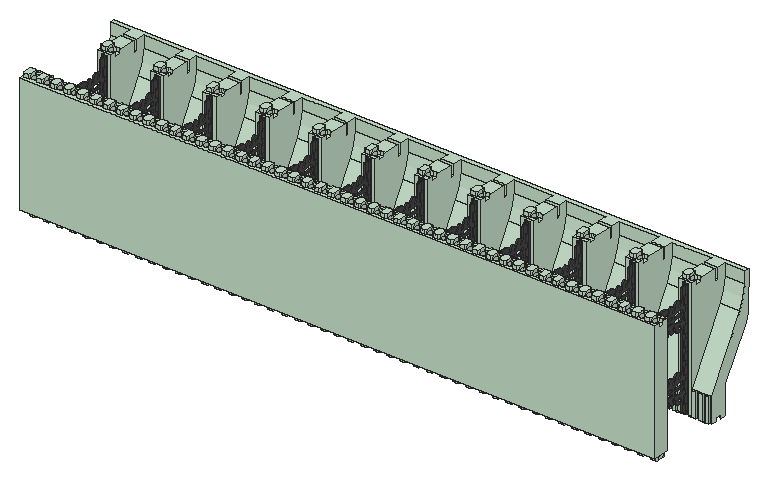
Revit family "ICF- NUDURA 8-inch- Brick Ledge Form Unit- Imperial", category Generic Models, Revit 2011 (continued)
Forms (in)
  Extrusion 106, void
    sketch origin (90, -2, 0) x (-1, 0, 0) y (0, -1, 0)
      loop
        line (2, 3.97692) -> (2, 4.89808)
        arc (2, 4.89808) -> (1.95215, 5.04517) -> (1.82692, 5.13595) r 0.25
        arc (1.82692, 5.13595) -> (1.5, 5.1875) -> (1.17308, 5.13595) r 1.0625
        arc (1.17308, 5.13595) -> (1.04785, 5.04517) -> (1, 4.89808) r 0.25
    from 0 to 0.5
  Extrusion 107, void
    sketch origin (92, -2, 0) x (-1, 0, 0) y (0, -1, 0)
      loop
        line (1, 4.89808) -> (1, 3.97692)
        arc (1, 3.97692) -> (1.04785, 3.82983) -> (1.17308, 3.73905) r 0.25
        arc (1.17308, 3.73905) -> (1.42092, 3.69045) -> (1.67323, 3.70172) r 1.0625
        arc (1.67323, 3.70172) -> (1.72385, 3.68771) -> (1.74592, 3.64005) r 0.0625
        line (1.74592, 3.64005) -> (1.74592, 3.41845) -> (1.91675, 3.41845) -> (1.91675, 3.76455)
        arc (1.91675, 3.76455) -> (1.92106, 3.78736) -> (1.9334, 3.80702) r 0.0625
        arc (1.9334, 3.80702) -> (1.98276, 3.88568) -> (2, 3.97692) r 0.25
        line (2, 3.97692) -> (2, 4.89808)
        arc (2, 4.89808) -> (1.95215, 5.04517) -> (1.82692, 5.13595) r 0.25
        arc (1.82692, 5.13595) -> (1.5, 5.1875) -> (1.17308, 5.13595) r 1.0625
        arc (1.17308, 5.13595) -> (1.04785, 5.04517) -> (1, 4.89808) r 0.25
    from 0 to 0.5
  Extrusion 108, void
    sketch origin (94, -2, 0) x (-1, 0, 0) y (0, -1, 0)
      loop
        line (1, 4.89808) -> (1, 3.97692)
        arc (1, 3.97692) -> (1.04785, 3.82983) -> (1.17308, 3.73905) r 0.25
        arc (1.17308, 3.73905) -> (1.42092, 3.69045) -> (1.67323, 3.70172) r 1.0625
        arc (1.67323, 3.70172) -> (1.72385, 3.68771) -> (1.74592, 3.64005) r 0.0625
        line (1.74592, 3.64005) -> (1.74592, 3.41845) -> (1.91675, 3.41845) -> (1.91675, 3.76455)
        arc (1.91675, 3.76455) -> (1.92106, 3.78736) -> (1.9334, 3.80702) r 0.0625
        arc (1.9334, 3.80702) -> (1.98276, 3.88568) -> (2, 3.97692) r 0.25
        line (2, 3.97692) -> (2, 4.89808)
        arc (2, 4.89808) -> (1.95215, 5.04517) -> (1.82692, 5.13595) r 0.25
        arc (1.82692, 5.13595) -> (1.5, 5.1875) -> (1.17308, 5.13595) r 1.0625
        arc (1.17308, 5.13595) -> (1.04785, 5.04517) -> (1, 4.89808) r 0.25
    from 0 to 0.5
  Extrusion 109, void
    sketch origin (96, -2, 0) x (-1, 0, 0) y (0, -1, 0)
      loop
        line (1, 4.89808) -> (1, 3.97692)
        arc (1, 3.97692) -> (1.04785, 3.82983) -> (1.17308, 3.73905) r 0.25
        arc (1.17308, 3.73905) -> (1.42092, 3.69045) -> (1.67323, 3.70172) r 1.0625
        arc (1.67323, 3.70172) -> (1.72385, 3.68771) -> (1.74592, 3.64005) r 0.0625
        line (1.74592, 3.64005) -> (1.74592, 3.41845) -> (1.91675, 3.41845) -> (1.91675, 3.76455)
        arc (1.91675, 3.76455) -> (1.92106, 3.78736) -> (1.9334, 3.80702) r 0.0625
        arc (1.9334, 3.80702) -> (1.98276, 3.88568) -> (2, 3.97692) r 0.25
        line (2, 3.97692) -> (2, 4.89808)
        arc (2, 4.89808) -> (1.95215, 5.04517) -> (1.82692, 5.13595) r 0.25
        arc (1.82692, 5.13595) -> (1.5, 5.1875) -> (1.17308, 5.13595) r 1.0625
        arc (1.17308, 5.13595) -> (1.04785, 5.04517) -> (1, 4.89808) r 0.25
    from 0 to 0.5
  Extrusion 110, void
    sketch origin (94, 0, 0) x (1, 0, 0) y (0, 1, 0)
      loop
        line (1, 4.89808) -> (1, 3.97692)
        arc (1, 3.97692) -> (1.04785, 3.82983) -> (1.17308, 3.73905) r 0.25
        arc (1.17308, 3.73905) -> (1.42092, 3.69045) -> (1.67323, 3.70172) r 1.0625
        arc (1.67323, 3.70172) -> (1.72385, 3.68771) -> (1.74592, 3.64005) r 0.0625
        line (1.74592, 3.64005) -> (1.74592, 3.41845) -> (1.91675, 3.41845) -> (1.91675, 3.76455)
        arc (1.91675, 3.76455) -> (1.92106, 3.78736) -> (1.9334, 3.80702) r 0.0625
        arc (1.9334, 3.80702) -> (1.98276, 3.88568) -> (2, 3.97692) r 0.25
        line (2, 3.97692) -> (2, 4.89808)
        arc (2, 4.89808) -> (1.95215, 5.04517) -> (1.82692, 5.13595) r 0.25
        arc (1.82692, 5.13595) -> (1.5, 5.1875) -> (1.17308, 5.13595) r 1.0625
        arc (1.17308, 5.13595) -> (1.04785, 5.04517) -> (1, 4.89808) r 0.25
    from 0 to 0.5
  Extrusion 111, void
    sketch origin (92, 0, 0) x (1, 0, 0) y (0, 1, 0)
      loop
        line (1, 4.89808) -> (1, 3.97692)
        arc (1, 3.97692) -> (1.04785, 3.82983) -> (1.17308, 3.73905) r 0.25
        arc (1.17308, 3.73905) -> (1.42092, 3.69045) -> (1.67323, 3.70172) r 1.0625
        arc (1.67323, 3.70172) -> (1.72385, 3.68771) -> (1.74592, 3.64005) r 0.0625
        line (1.74592, 3.64005) -> (1.74592, 3.41845) -> (1.91675, 3.41845) -> (1.91675, 3.76455)
        arc (1.91675, 3.76455) -> (1.92106, 3.78736) -> (1.9334, 3.80702) r 0.0625
        arc (1.9334, 3.80702) -> (1.98276, 3.88568) -> (2, 3.97692) r 0.25
        line (2, 3.97692) -> (2, 4.89808)
        arc (2, 4.89808) -> (1.95215, 5.04517) -> (1.82692, 5.13595) r 0.25
        arc (1.82692, 5.13595) -> (1.5, 5.1875) -> (1.17308, 5.13595) r 1.0625
        arc (1.17308, 5.13595) -> (1.04785, 5.04517) -> (1, 4.89808) r 0.25
    from 0 to 0.5
  Extrusion 112, void
    sketch origin (90, 0, 0) x (1, 0, 0) y (0, 1, 0)
      loop
        line (1, 4.89808) -> (1, 3.97692)
        arc (1, 3.97692) -> (1.04785, 3.82983) -> (1.17308, 3.73905) r 0.25
        arc (1.17308, 3.73905) -> (1.42092, 3.69045) -> (1.67323, 3.70172) r 1.0625
        arc (1.67323, 3.70172) -> (1.72385, 3.68771) -> (1.74592, 3.64005) r 0.0625
        line (1.74592, 3.64005) -> (1.74592, 3.41845) -> (1.91675, 3.41845) -> (1.91675, 3.76455)
        arc (1.91675, 3.76455) -> (1.92106, 3.78736) -> (1.9334, 3.80702) r 0.0625
        arc (1.9334, 3.80702) -> (1.98276, 3.88568) -> (2, 3.97692) r 0.25
        line (2, 3.97692) -> (2, 4.89808)
        arc (2, 4.89808) -> (1.95215, 5.04517) -> (1.82692, 5.13595) r 0.25
        arc (1.82692, 5.13595) -> (1.5, 5.1875) -> (1.17308, 5.13595) r 1.0625
        arc (1.17308, 5.13595) -> (1.04785, 5.04517) -> (1, 4.89808) r 0.25
    from 0 to 0.5
  Extrusion 113, void
    sketch origin (88, 0, 0) x (1, 0, 0) y (0, 1, 0)
      loop
        line (1, 4.89808) -> (1, 3.97692)
        arc (1, 3.97692) -> (1.04785, 3.82983) -> (1.17308, 3.73905) r 0.25
        arc (1.17308, 3.73905) -> (1.42092, 3.69045) -> (1.67323, 3.70172) r 1.0625
        arc (1.67323, 3.70172) -> (1.72385, 3.68771) -> (1.74592, 3.64005) r 0.0625
        line (1.74592, 3.64005) -> (1.74592, 3.41845) -> (1.91675, 3.41845) -> (1.91675, 3.76455)
        arc (1.91675, 3.76455) -> (1.92106, 3.78736) -> (1.9334, 3.80702) r 0.0625
        arc (1.9334, 3.80702) -> (1.98276, 3.88568) -> (2, 3.97692) r 0.25
        line (2, 3.97692) -> (2, 4.89808)
        arc (2, 4.89808) -> (1.95215, 5.04517) -> (1.82692, 5.13595) r 0.25
        arc (1.82692, 5.13595) -> (1.5, 5.1875) -> (1.17308, 5.13595) r 1.0625
        arc (1.17308, 5.13595) -> (1.04785, 5.04517) -> (1, 4.89808) r 0.25
    from 0 to 0.5
  Extrusion 114, void
    sketch origin (86, 0, 0) x (1, 0, 0) y (0, 1, 0)
      loop
        line (1, 4.89808) -> (1, 3.97692)
        arc (1, 3.97692) -> (1.04785, 3.82983) -> (1.17308, 3.73905) r 0.25
        arc (1.17308, 3.73905) -> (1.42092, 3.69045) -> (1.67323, 3.70172) r 1.0625
        arc (1.67323, 3.70172) -> (1.72385, 3.68771) -> (1.74592, 3.64005) r 0.0625
        line (1.74592, 3.64005) -> (1.74592, 3.41845) -> (1.91675, 3.41845) -> (1.91675, 3.76455)
        arc (1.91675, 3.76455) -> (1.92106, 3.78736) -> (1.9334, 3.80702) r 0.0625
        arc (1.9334, 3.80702) -> (1.98276, 3.88568) -> (2, 3.97692) r 0.25
        line (2, 3.97692) -> (2, 4.89808)
        arc (2, 4.89808) -> (1.95215, 5.04517) -> (1.82692, 5.13595) r 0.25
        arc (1.82692, 5.13595) -> (1.5, 5.1875) -> (1.17308, 5.13595) r 1.0625
        arc (1.17308, 5.13595) -> (1.04785, 5.04517) -> (1, 4.89808) r 0.25
    from 0 to 0.5
  Extrusion 115, void
    sketch origin (84, 0, 0) x (1, 0, 0) y (0, 1, 0)
      loop
        line (1, 4.89808) -> (1, 3.97692)
        arc (1, 3.97692) -> (1.04785, 3.82983) -> (1.17308, 3.73905) r 0.25
        arc (1.17308, 3.73905) -> (1.42092, 3.69045) -> (1.67323, 3.70172) r 1.0625
        arc (1.67323, 3.70172) -> (1.72385, 3.68771) -> (1.74592, 3.64005) r 0.0625
        line (1.74592, 3.64005) -> (1.74592, 3.41845) -> (1.91675, 3.41845) -> (1.91675, 3.76455)
        arc (1.91675, 3.76455) -> (1.92106, 3.78736) -> (1.9334, 3.80702) r 0.0625
        arc (1.9334, 3.80702) -> (1.98276, 3.88568) -> (2, 3.97692) r 0.25
        line (2, 3.97692) -> (2, 4.89808)
        arc (2, 4.89808) -> (1.95215, 5.04517) -> (1.82692, 5.13595) r 0.25
        arc (1.82692, 5.13595) -> (1.5, 5.1875) -> (1.17308, 5.13595) r 1.0625
        arc (1.17308, 5.13595) -> (1.04785, 5.04517) -> (1, 4.89808) r 0.25
    from 0 to 0.5
  Extrusion 116, void
    sketch origin (82, 0, 0) x (1, 0, 0) y (0, 1, 0)
      loop
        line (1, 4.89808) -> (1, 3.97692)
        arc (1, 3.97692) -> (1.04785, 3.82983) -> (1.17308, 3.73905) r 0.25
        arc (1.17308, 3.73905) -> (1.42092, 3.69045) -> (1.67323, 3.70172) r 1.0625
        arc (1.67323, 3.70172) -> (1.72385, 3.68771) -> (1.74592, 3.64005) r 0.0625
        line (1.74592, 3.64005) -> (1.74592, 3.41845) -> (1.91675, 3.41845) -> (1.91675, 3.76455)
        arc (1.91675, 3.76455) -> (1.92106, 3.78736) -> (1.9334, 3.80702) r 0.0625
        arc (1.9334, 3.80702) -> (1.98276, 3.88568) -> (2, 3.97692) r 0.25
        line (2, 3.97692) -> (2, 4.89808)
        arc (2, 4.89808) -> (1.95215, 5.04517) -> (1.82692, 5.13595) r 0.25
        arc (1.82692, 5.13595) -> (1.5, 5.1875) -> (1.17308, 5.13595) r 1.0625
        arc (1.17308, 5.13595) -> (1.04785, 5.04517) -> (1, 4.89808) r 0.25
    from 0 to 0.5
  Extrusion 117, void
    sketch origin (80, 0, 0) x (1, 0, 0) y (0, 1, 0)
      loop
        line (1, 4.89808) -> (1, 3.97692)
        arc (1, 3.97692) -> (1.04785, 3.82983) -> (1.17308, 3.73905) r 0.25
        arc (1.17308, 3.73905) -> (1.42092, 3.69045) -> (1.67323, 3.70172) r 1.0625
        arc (1.67323, 3.70172) -> (1.72385, 3.68771) -> (1.74592, 3.64005) r 0.0625
        line (1.74592, 3.64005) -> (1.74592, 3.41845) -> (1.91675, 3.41845) -> (1.91675, 3.76455)
        arc (1.91675, 3.76455) -> (1.92106, 3.78736) -> (1.9334, 3.80702) r 0.0625
        arc (1.9334, 3.80702) -> (1.98276, 3.88568) -> (2, 3.97692) r 0.25
        line (2, 3.97692) -> (2, 4.89808)
        arc (2, 4.89808) -> (1.95215, 5.04517) -> (1.82692, 5.13595) r 0.25
        arc (1.82692, 5.13595) -> (1.5, 5.1875) -> (1.17308, 5.13595) r 1.0625
        arc (1.17308, 5.13595) -> (1.04785, 5.04517) -> (1, 4.89808) r 0.25
    from 0 to 0.5
  Extrusion 118, void
    sketch origin (78, 0, 0) x (1, 0, 0) y (0, 1, 0)
      loop
        line (1, 4.89808) -> (1, 3.97692)
        arc (1, 3.97692) -> (1.04785, 3.82983) -> (1.17308, 3.73905) r 0.25
        arc (1.17308, 3.73905) -> (1.42092, 3.69045) -> (1.67323, 3.70172) r 1.0625
        arc (1.67323, 3.70172) -> (1.72385, 3.68771) -> (1.74592, 3.64005) r 0.0625
        line (1.74592, 3.64005) -> (1.74592, 3.41845) -> (1.91675, 3.41845) -> (1.91675, 3.76455)
        arc (1.91675, 3.76455) -> (1.92106, 3.78736) -> (1.9334, 3.80702) r 0.0625
        arc (1.9334, 3.80702) -> (1.98276, 3.88568) -> (2, 3.97692) r 0.25
        line (2, 3.97692) -> (2, 4.89808)
        arc (2, 4.89808) -> (1.95215, 5.04517) -> (1.82692, 5.13595) r 0.25
        arc (1.82692, 5.13595) -> (1.5, 5.1875) -> (1.17308, 5.13595) r 1.0625
        arc (1.17308, 5.13595) -> (1.04785, 5.04517) -> (1, 4.89808) r 0.25
    from 0 to 0.5
  Extrusion 119, void
    sketch origin (76, 0, 0) x (1, 0, 0) y (0, 1, 0)
      loop
        line (1, 4.89808) -> (1, 3.97692)
        arc (1, 3.97692) -> (1.04785, 3.82983) -> (1.17308, 3.73905) r 0.25
        arc (1.17308, 3.73905) -> (1.42092, 3.69045) -> (1.67323, 3.70172) r 1.0625
        arc (1.67323, 3.70172) -> (1.72385, 3.68771) -> (1.74592, 3.64005) r 0.0625
        line (1.74592, 3.64005) -> (1.74592, 3.41845) -> (1.91675, 3.41845) -> (1.91675, 3.76455)
        arc (1.91675, 3.76455) -> (1.92106, 3.78736) -> (1.9334, 3.80702) r 0.0625
        arc (1.9334, 3.80702) -> (1.98276, 3.88568) -> (2, 3.97692) r 0.25
        line (2, 3.97692) -> (2, 4.89808)
        arc (2, 4.89808) -> (1.95215, 5.04517) -> (1.82692, 5.13595) r 0.25
        arc (1.82692, 5.13595) -> (1.5, 5.1875) -> (1.17308, 5.13595) r 1.0625
        arc (1.17308, 5.13595) -> (1.04785, 5.04517) -> (1, 4.89808) r 0.25
    from 0 to 0.5
  Extrusion 120, void
    sketch origin (74, 0, 0) x (1, 0, 0) y (0, 1, 0)
      loop
        line (1, 4.89808) -> (1, 3.97692)
        arc (1, 3.97692) -> (1.04785, 3.82983) -> (1.17308, 3.73905) r 0.25
        arc (1.17308, 3.73905) -> (1.42092, 3.69045) -> (1.67323, 3.70172) r 1.0625
        arc (1.67323, 3.70172) -> (1.72385, 3.68771) -> (1.74592, 3.64005) r 0.0625
        line (1.74592, 3.64005) -> (1.74592, 3.41845) -> (1.91675, 3.41845) -> (1.91675, 3.76455)
        arc (1.91675, 3.76455) -> (1.92106, 3.78736) -> (1.9334, 3.80702) r 0.0625
        arc (1.9334, 3.80702) -> (1.98276, 3.88568) -> (2, 3.97692) r 0.25
        line (2, 3.97692) -> (2, 4.89808)
        arc (2, 4.89808) -> (1.95215, 5.04517) -> (1.82692, 5.13595) r 0.25
        arc (1.82692, 5.13595) -> (1.5, 5.1875) -> (1.17308, 5.13595) r 1.0625
        arc (1.17308, 5.13595) -> (1.04785, 5.04517) -> (1, 4.89808) r 0.25
    from 0 to 0.5
  Extrusion 121, void
    sketch origin (72, 0, 0) x (1, 0, 0) y (0, 1, 0)
      loop
        line (1, 4.89808) -> (1, 3.97692)
        arc (1, 3.97692) -> (1.04785, 3.82983) -> (1.17308, 3.73905) r 0.25
        arc (1.17308, 3.73905) -> (1.42092, 3.69045) -> (1.67323, 3.70172) r 1.0625
        arc (1.67323, 3.70172) -> (1.72385, 3.68771) -> (1.74592, 3.64005) r 0.0625
        line (1.74592, 3.64005) -> (1.74592, 3.41845) -> (1.91675, 3.41845) -> (1.91675, 3.76455)
        arc (1.91675, 3.76455) -> (1.92106, 3.78736) -> (1.9334, 3.80702) r 0.0625
        arc (1.9334, 3.80702) -> (1.98276, 3.88568) -> (2, 3.97692) r 0.25
        line (2, 3.97692) -> (2, 4.89808)
        arc (2, 4.89808) -> (1.95215, 5.04517) -> (1.82692, 5.13595) r 0.25
        arc (1.82692, 5.13595) -> (1.5, 5.1875) -> (1.17308, 5.13595) r 1.0625
        arc (1.17308, 5.13595) -> (1.04785, 5.04517) -> (1, 4.89808) r 0.25
    from 0 to 0.5
  Extrusion 122, void
    sketch origin (70, 0, 0) x (1, 0, 0) y (0, 1, 0)
      loop
        line (1, 4.89808) -> (1, 3.97692)
        arc (1, 3.97692) -> (1.04785, 3.82983) -> (1.17308, 3.73905) r 0.25
        arc (1.17308, 3.73905) -> (1.42092, 3.69045) -> (1.67323, 3.70172) r 1.0625
        arc (1.67323, 3.70172) -> (1.72385, 3.68771) -> (1.74592, 3.64005) r 0.0625
        line (1.74592, 3.64005) -> (1.74592, 3.41845) -> (1.91675, 3.41845) -> (1.91675, 3.76455)
        arc (1.91675, 3.76455) -> (1.92106, 3.78736) -> (1.9334, 3.80702) r 0.0625
        arc (1.9334, 3.80702) -> (1.98276, 3.88568) -> (2, 3.97692) r 0.25
        line (2, 3.97692) -> (2, 4.89808)
        arc (2, 4.89808) -> (1.95215, 5.04517) -> (1.82692, 5.13595) r 0.25
        arc (1.82692, 5.13595) -> (1.5, 5.1875) -> (1.17308, 5.13595) r 1.0625
        arc (1.17308, 5.13595) -> (1.04785, 5.04517) -> (1, 4.89808) r 0.25
    from 0 to 0.5
  Extrusion 123, void
    sketch origin (68, 0, 0) x (1, 0, 0) y (0, 1, 0)
      loop
        line (1, 4.89808) -> (1, 3.97692)
        arc (1, 3.97692) -> (1.04785, 3.82983) -> (1.17308, 3.73905) r 0.25
        arc (1.17308, 3.73905) -> (1.42092, 3.69045) -> (1.67323, 3.70172) r 1.0625
        arc (1.67323, 3.70172) -> (1.72385, 3.68771) -> (1.74592, 3.64005) r 0.0625
        line (1.74592, 3.64005) -> (1.74592, 3.41845) -> (1.91675, 3.41845) -> (1.91675, 3.76455)
        arc (1.91675, 3.76455) -> (1.92106, 3.78736) -> (1.9334, 3.80702) r 0.0625
        arc (1.9334, 3.80702) -> (1.98276, 3.88568) -> (2, 3.97692) r 0.25
        line (2, 3.97692) -> (2, 4.89808)
        arc (2, 4.89808) -> (1.95215, 5.04517) -> (1.82692, 5.13595) r 0.25
        arc (1.82692, 5.13595) -> (1.5, 5.1875) -> (1.17308, 5.13595) r 1.0625
        arc (1.17308, 5.13595) -> (1.04785, 5.04517) -> (1, 4.89808) r 0.25
    from 0 to 0.5
  Extrusion 124, void
    sketch origin (66, 0, 0) x (1, 0, 0) y (0, 1, 0)
      loop
        line (1, 4.89808) -> (1, 3.97692)
        arc (1, 3.97692) -> (1.04785, 3.82983) -> (1.17308, 3.73905) r 0.25
        arc (1.17308, 3.73905) -> (1.42092, 3.69045) -> (1.67323, 3.70172) r 1.0625
        arc (1.67323, 3.70172) -> (1.72385, 3.68771) -> (1.74592, 3.64005) r 0.0625
        line (1.74592, 3.64005) -> (1.74592, 3.41845) -> (1.91675, 3.41845) -> (1.91675, 3.76455)
        arc (1.91675, 3.76455) -> (1.92106, 3.78736) -> (1.9334, 3.80702) r 0.0625
        arc (1.9334, 3.80702) -> (1.98276, 3.88568) -> (2, 3.97692) r 0.25
        line (2, 3.97692) -> (2, 4.89808)
        arc (2, 4.89808) -> (1.95215, 5.04517) -> (1.82692, 5.13595) r 0.25
        arc (1.82692, 5.13595) -> (1.5, 5.1875) -> (1.17308, 5.13595) r 1.0625
        arc (1.17308, 5.13595) -> (1.04785, 5.04517) -> (1, 4.89808) r 0.25
    from 0 to 0.5
  Extrusion 125, void
    sketch origin (64, 0, 0) x (1, 0, 0) y (0, 1, 0)
      loop
        line (1, 4.89808) -> (1, 3.97692)
        arc (1, 3.97692) -> (1.04785, 3.82983) -> (1.17308, 3.73905) r 0.25
        arc (1.17308, 3.73905) -> (1.42092, 3.69045) -> (1.67323, 3.70172) r 1.0625
        arc (1.67323, 3.70172) -> (1.72385, 3.68771) -> (1.74592, 3.64005) r 0.0625
        line (1.74592, 3.64005) -> (1.74592, 3.41845) -> (1.91675, 3.41845) -> (1.91675, 3.76455)
        arc (1.91675, 3.76455) -> (1.92106, 3.78736) -> (1.9334, 3.80702) r 0.0625
        arc (1.9334, 3.80702) -> (1.98276, 3.88568) -> (2, 3.97692) r 0.25
        line (2, 3.97692) -> (2, 4.89808)
        arc (2, 4.89808) -> (1.95215, 5.04517) -> (1.82692, 5.13595) r 0.25
        arc (1.82692, 5.13595) -> (1.5, 5.1875) -> (1.17308, 5.13595) r 1.0625
        arc (1.17308, 5.13595) -> (1.04785, 5.04517) -> (1, 4.89808) r 0.25
    from 0 to 0.5
  Extrusion 126, void
    sketch origin (62, 0, 0) x (1, 0, 0) y (0, 1, 0)
      loop
        line (1, 4.89808) -> (1, 3.97692)
        arc (1, 3.97692) -> (1.04785, 3.82983) -> (1.17308, 3.73905) r 0.25
        arc (1.17308, 3.73905) -> (1.42092, 3.69045) -> (1.67323, 3.70172) r 1.0625
        arc (1.67323, 3.70172) -> (1.72385, 3.68771) -> (1.74592, 3.64005) r 0.0625
        line (1.74592, 3.64005) -> (1.74592, 3.41845) -> (1.91675, 3.41845) -> (1.91675, 3.76455)
        arc (1.91675, 3.76455) -> (1.92106, 3.78736) -> (1.9334, 3.80702) r 0.0625
        arc (1.9334, 3.80702) -> (1.98276, 3.88568) -> (2, 3.97692) r 0.25
        line (2, 3.97692) -> (2, 4.89808)
        arc (2, 4.89808) -> (1.95215, 5.04517) -> (1.82692, 5.13595) r 0.25
        arc (1.82692, 5.13595) -> (1.5, 5.1875) -> (1.17308, 5.13595) r 1.0625
        arc (1.17308, 5.13595) -> (1.04785, 5.04517) -> (1, 4.89808) r 0.25
    from 0 to 0.5
  Extrusion 127, void
    sketch origin (60, 0, 0) x (1, 0, 0) y (0, 1, 0)
      loop
        line (1, 4.89808) -> (1, 3.97692)
        arc (1, 3.97692) -> (1.04785, 3.82983) -> (1.17308, 3.73905) r 0.25
        arc (1.17308, 3.73905) -> (1.42092, 3.69045) -> (1.67323, 3.70172) r 1.0625
        arc (1.67323, 3.70172) -> (1.72385, 3.68771) -> (1.74592, 3.64005) r 0.0625
        line (1.74592, 3.64005) -> (1.74592, 3.41845) -> (1.91675, 3.41845) -> (1.91675, 3.76455)
        arc (1.91675, 3.76455) -> (1.92106, 3.78736) -> (1.9334, 3.80702) r 0.0625
        arc (1.9334, 3.80702) -> (1.98276, 3.88568) -> (2, 3.97692) r 0.25
        line (2, 3.97692) -> (2, 4.89808)
        arc (2, 4.89808) -> (1.95215, 5.04517) -> (1.82692, 5.13595) r 0.25
        arc (1.82692, 5.13595) -> (1.5, 5.1875) -> (1.17308, 5.13595) r 1.0625
        arc (1.17308, 5.13595) -> (1.04785, 5.04517) -> (1, 4.89808) r 0.25
    from 0 to 0.5
  Extrusion 128, void
    sketch origin (58, 0, 0) x (1, 0, 0) y (0, 1, 0)
      loop
        line (1, 4.89808) -> (1, 3.97692)
        arc (1, 3.97692) -> (1.04785, 3.82983) -> (1.17308, 3.73905) r 0.25
        arc (1.17308, 3.73905) -> (1.42092, 3.69045) -> (1.67323, 3.70172) r 1.0625
        arc (1.67323, 3.70172) -> (1.72385, 3.68771) -> (1.74592, 3.64005) r 0.0625
        line (1.74592, 3.64005) -> (1.74592, 3.41845) -> (1.91675, 3.41845) -> (1.91675, 3.76455)
        arc (1.91675, 3.76455) -> (1.92106, 3.78736) -> (1.9334, 3.80702) r 0.0625
        arc (1.9334, 3.80702) -> (1.98276, 3.88568) -> (2, 3.97692) r 0.25
        line (2, 3.97692) -> (2, 4.89808)
        arc (2, 4.89808) -> (1.95215, 5.04517) -> (1.82692, 5.13595) r 0.25
        arc (1.82692, 5.13595) -> (1.5, 5.1875) -> (1.17308, 5.13595) r 1.0625
        arc (1.17308, 5.13595) -> (1.04785, 5.04517) -> (1, 4.89808) r 0.25
    from 0 to 0.5
  Extrusion 129, void
    sketch origin (56, 0, 0) x (1, 0, 0) y (0, 1, 0)
      loop
        line (1, 4.89808) -> (1, 3.97692)
        arc (1, 3.97692) -> (1.04785, 3.82983) -> (1.17308, 3.73905) r 0.25
        arc (1.17308, 3.73905) -> (1.42092, 3.69045) -> (1.67323, 3.70172) r 1.0625
        arc (1.67323, 3.70172) -> (1.72385, 3.68771) -> (1.74592, 3.64005) r 0.0625
        line (1.74592, 3.64005) -> (1.74592, 3.41845) -> (1.91675, 3.41845) -> (1.91675, 3.76455)
        arc (1.91675, 3.76455) -> (1.92106, 3.78736) -> (1.9334, 3.80702) r 0.0625
        arc (1.9334, 3.80702) -> (1.98276, 3.88568) -> (2, 3.97692) r 0.25
        line (2, 3.97692) -> (2, 4.89808)
        arc (2, 4.89808) -> (1.95215, 5.04517) -> (1.82692, 5.13595) r 0.25
        arc (1.82692, 5.13595) -> (1.5, 5.1875) -> (1.17308, 5.13595) r 1.0625
        arc (1.17308, 5.13595) -> (1.04785, 5.04517) -> (1, 4.89808) r 0.25
    from 0 to 0.5
  Extrusion 130, void
    sketch origin (54, 0, 0) x (1, 0, 0) y (0, 1, 0)
      loop
        line (1, 4.89808) -> (1, 3.97692)
        arc (1, 3.97692) -> (1.04785, 3.82983) -> (1.17308, 3.73905) r 0.25
        arc (1.17308, 3.73905) -> (1.42092, 3.69045) -> (1.67323, 3.70172) r 1.0625
        arc (1.67323, 3.70172) -> (1.72385, 3.68771) -> (1.74592, 3.64005) r 0.0625
        line (1.74592, 3.64005) -> (1.74592, 3.41845) -> (1.91675, 3.41845) -> (1.91675, 3.76455)
        arc (1.91675, 3.76455) -> (1.92106, 3.78736) -> (1.9334, 3.80702) r 0.0625
        arc (1.9334, 3.80702) -> (1.98276, 3.88568) -> (2, 3.97692) r 0.25
        line (2, 3.97692) -> (2, 4.89808)
        arc (2, 4.89808) -> (1.95215, 5.04517) -> (1.82692, 5.13595) r 0.25
        arc (1.82692, 5.13595) -> (1.5, 5.1875) -> (1.17308, 5.13595) r 1.0625
        arc (1.17308, 5.13595) -> (1.04785, 5.04517) -> (1, 4.89808) r 0.25
    from 0 to 0.5
  Extrusion 131, void
    sketch origin (52, 0, 0) x (1, 0, 0) y (0, 1, 0)
      loop
        line (1, 4.89808) -> (1, 3.97692)
        arc (1, 3.97692) -> (1.04785, 3.82983) -> (1.17308, 3.73905) r 0.25
        arc (1.17308, 3.73905) -> (1.42092, 3.69045) -> (1.67323, 3.70172) r 1.0625
        arc (1.67323, 3.70172) -> (1.72385, 3.68771) -> (1.74592, 3.64005) r 0.0625
        line (1.74592, 3.64005) -> (1.74592, 3.41845) -> (1.91675, 3.41845) -> (1.91675, 3.76455)
        arc (1.91675, 3.76455) -> (1.92106, 3.78736) -> (1.9334, 3.80702) r 0.0625
        arc (1.9334, 3.80702) -> (1.98276, 3.88568) -> (2, 3.97692) r 0.25
        line (2, 3.97692) -> (2, 4.89808)
        arc (2, 4.89808) -> (1.95215, 5.04517) -> (1.82692, 5.13595) r 0.25
        arc (1.82692, 5.13595) -> (1.5, 5.1875) -> (1.17308, 5.13595) r 1.0625
        arc (1.17308, 5.13595) -> (1.04785, 5.04517) -> (1, 4.89808) r 0.25
    from 0 to 0.5
  Extrusion 132, void
    sketch origin (50, 0, 0) x (1, 0, 0) y (0, 1, 0)
      loop
        line (1, 4.89808) -> (1, 3.97692)
        arc (1, 3.97692) -> (1.04785, 3.82983) -> (1.17308, 3.73905) r 0.25
        arc (1.17308, 3.73905) -> (1.42092, 3.69045) -> (1.67323, 3.70172) r 1.0625
        arc (1.67323, 3.70172) -> (1.72385, 3.68771) -> (1.74592, 3.64005) r 0.0625
        line (1.74592, 3.64005) -> (1.74592, 3.41845) -> (1.91675, 3.41845) -> (1.91675, 3.76455)
        arc (1.91675, 3.76455) -> (1.92106, 3.78736) -> (1.9334, 3.80702) r 0.0625
        arc (1.9334, 3.80702) -> (1.98276, 3.88568) -> (2, 3.97692) r 0.25
        line (2, 3.97692) -> (2, 4.89808)
        arc (2, 4.89808) -> (1.95215, 5.04517) -> (1.82692, 5.13595) r 0.25
        arc (1.82692, 5.13595) -> (1.5, 5.1875) -> (1.17308, 5.13595) r 1.0625
        arc (1.17308, 5.13595) -> (1.04785, 5.04517) -> (1, 4.89808) r 0.25
    from 0 to 0.5
  Extrusion 133, void
    sketch origin (48, 0, 0) x (1, 0, 0) y (0, 1, 0)
      loop
        line (1, 4.89808) -> (1, 3.97692)
        arc (1, 3.97692) -> (1.04785, 3.82983) -> (1.17308, 3.73905) r 0.25
        arc (1.17308, 3.73905) -> (1.42092, 3.69045) -> (1.67323, 3.70172) r 1.0625
        arc (1.67323, 3.70172) -> (1.72385, 3.68771) -> (1.74592, 3.64005) r 0.0625
        line (1.74592, 3.64005) -> (1.74592, 3.41845) -> (1.91675, 3.41845) -> (1.91675, 3.76455)
        arc (1.91675, 3.76455) -> (1.92106, 3.78736) -> (1.9334, 3.80702) r 0.0625
        arc (1.9334, 3.80702) -> (1.98276, 3.88568) -> (2, 3.97692) r 0.25
        line (2, 3.97692) -> (2, 4.89808)
        arc (2, 4.89808) -> (1.95215, 5.04517) -> (1.82692, 5.13595) r 0.25
        arc (1.82692, 5.13595) -> (1.5, 5.1875) -> (1.17308, 5.13595) r 1.0625
        arc (1.17308, 5.13595) -> (1.04785, 5.04517) -> (1, 4.89808) r 0.25
    from 0 to 0.5
  Extrusion 134, void
    sketch origin (46, 0, 0) x (1, 0, 0) y (0, 1, 0)
      loop
        line (1, 4.89808) -> (1, 3.97692)
        arc (1, 3.97692) -> (1.04785, 3.82983) -> (1.17308, 3.73905) r 0.25
        arc (1.17308, 3.73905) -> (1.42092, 3.69045) -> (1.67323, 3.70172) r 1.0625
        arc (1.67323, 3.70172) -> (1.72385, 3.68771) -> (1.74592, 3.64005) r 0.0625
        line (1.74592, 3.64005) -> (1.74592, 3.41845) -> (1.91675, 3.41845) -> (1.91675, 3.76455)
        arc (1.91675, 3.76455) -> (1.92106, 3.78736) -> (1.9334, 3.80702) r 0.0625
        arc (1.9334, 3.80702) -> (1.98276, 3.88568) -> (2, 3.97692) r 0.25
        line (2, 3.97692) -> (2, 4.89808)
        arc (2, 4.89808) -> (1.95215, 5.04517) -> (1.82692, 5.13595) r 0.25
        arc (1.82692, 5.13595) -> (1.5, 5.1875) -> (1.17308, 5.13595) r 1.0625
        arc (1.17308, 5.13595) -> (1.04785, 5.04517) -> (1, 4.89808) r 0.25
    from 0 to 0.5
  Extrusion 135, void
    sketch origin (44, 0, 0) x (1, 0, 0) y (0, 1, 0)
      loop
        line (1, 4.89808) -> (1, 3.97692)
        arc (1, 3.97692) -> (1.04785, 3.82983) -> (1.17308, 3.73905) r 0.25
        arc (1.17308, 3.73905) -> (1.42092, 3.69045) -> (1.67323, 3.70172) r 1.0625
        arc (1.67323, 3.70172) -> (1.72385, 3.68771) -> (1.74592, 3.64005) r 0.0625
        line (1.74592, 3.64005) -> (1.74592, 3.41845) -> (1.91675, 3.41845) -> (1.91675, 3.76455)
        arc (1.91675, 3.76455) -> (1.92106, 3.78736) -> (1.9334, 3.80702) r 0.0625
        arc (1.9334, 3.80702) -> (1.98276, 3.88568) -> (2, 3.97692) r 0.25
        line (2, 3.97692) -> (2, 4.89808)
        arc (2, 4.89808) -> (1.95215, 5.04517) -> (1.82692, 5.13595) r 0.25
        arc (1.82692, 5.13595) -> (1.5, 5.1875) -> (1.17308, 5.13595) r 1.0625
        arc (1.17308, 5.13595) -> (1.04785, 5.04517) -> (1, 4.89808) r 0.25
    from 0 to 0.5
  Extrusion 136, void
    sketch origin (42, 0, 0) x (1, 0, 0) y (0, 1, 0)
      loop
        line (1, 4.89808) -> (1, 3.97692)
        arc (1, 3.97692) -> (1.04785, 3.82983) -> (1.17308, 3.73905) r 0.25
        arc (1.17308, 3.73905) -> (1.42092, 3.69045) -> (1.67323, 3.70172) r 1.0625
        arc (1.67323, 3.70172) -> (1.72385, 3.68771) -> (1.74592, 3.64005) r 0.0625
        line (1.74592, 3.64005) -> (1.74592, 3.41845) -> (1.91675, 3.41845) -> (1.91675, 3.76455)
        arc (1.91675, 3.76455) -> (1.92106, 3.78736) -> (1.9334, 3.80702) r 0.0625
        arc (1.9334, 3.80702) -> (1.98276, 3.88568) -> (2, 3.97692) r 0.25
        line (2, 3.97692) -> (2, 4.89808)
        arc (2, 4.89808) -> (1.95215, 5.04517) -> (1.82692, 5.13595) r 0.25
        arc (1.82692, 5.13595) -> (1.5, 5.1875) -> (1.17308, 5.13595) r 1.0625
        arc (1.17308, 5.13595) -> (1.04785, 5.04517) -> (1, 4.89808) r 0.25
    from 0 to 0.5
  Extrusion 137, void
    sketch origin (40, 0, 0) x (1, 0, 0) y (0, 1, 0)
      loop
        line (1, 4.89808) -> (1, 3.97692)
        arc (1, 3.97692) -> (1.04785, 3.82983) -> (1.17308, 3.73905) r 0.25
        arc (1.17308, 3.73905) -> (1.42092, 3.69045) -> (1.67323, 3.70172) r 1.0625
        arc (1.67323, 3.70172) -> (1.72385, 3.68771) -> (1.74592, 3.64005) r 0.0625
        line (1.74592, 3.64005) -> (1.74592, 3.41845) -> (1.91675, 3.41845) -> (1.91675, 3.76455)
        arc (1.91675, 3.76455) -> (1.92106, 3.78736) -> (1.9334, 3.80702) r 0.0625
        arc (1.9334, 3.80702) -> (1.98276, 3.88568) -> (2, 3.97692) r 0.25
        line (2, 3.97692) -> (2, 4.89808)
        arc (2, 4.89808) -> (1.95215, 5.04517) -> (1.82692, 5.13595) r 0.25
        arc (1.82692, 5.13595) -> (1.5, 5.1875) -> (1.17308, 5.13595) r 1.0625
        arc (1.17308, 5.13595) -> (1.04785, 5.04517) -> (1, 4.89808) r 0.25
    from 0 to 0.5
  Extrusion 138, void
    sketch origin (38, 0, 0) x (1, 0, 0) y (0, 1, 0)
      loop
        line (1, 4.89808) -> (1, 3.97692)
        arc (1, 3.97692) -> (1.04785, 3.82983) -> (1.17308, 3.73905) r 0.25
        arc (1.17308, 3.73905) -> (1.42092, 3.69045) -> (1.67323, 3.70172) r 1.0625
        arc (1.67323, 3.70172) -> (1.72385, 3.68771) -> (1.74592, 3.64005) r 0.0625
        line (1.74592, 3.64005) -> (1.74592, 3.41845) -> (1.91675, 3.41845) -> (1.91675, 3.76455)
        arc (1.91675, 3.76455) -> (1.92106, 3.78736) -> (1.9334, 3.80702) r 0.0625
        arc (1.9334, 3.80702) -> (1.98276, 3.88568) -> (2, 3.97692) r 0.25
        line (2, 3.97692) -> (2, 4.89808)
        arc (2, 4.89808) -> (1.95215, 5.04517) -> (1.82692, 5.13595) r 0.25
        arc (1.82692, 5.13595) -> (1.5, 5.1875) -> (1.17308, 5.13595) r 1.0625
        arc (1.17308, 5.13595) -> (1.04785, 5.04517) -> (1, 4.89808) r 0.25
    from 0 to 0.5
  Extrusion 139, void
    sketch origin (36, 0, 0) x (1, 0, 0) y (0, 1, 0)
      loop
        line (1, 4.89808) -> (1, 3.97692)
        arc (1, 3.97692) -> (1.04785, 3.82983) -> (1.17308, 3.73905) r 0.25
        arc (1.17308, 3.73905) -> (1.42092, 3.69045) -> (1.67323, 3.70172) r 1.0625
        arc (1.67323, 3.70172) -> (1.72385, 3.68771) -> (1.74592, 3.64005) r 0.0625
        line (1.74592, 3.64005) -> (1.74592, 3.41845) -> (1.91675, 3.41845) -> (1.91675, 3.76455)
        arc (1.91675, 3.76455) -> (1.92106, 3.78736) -> (1.9334, 3.80702) r 0.0625
        arc (1.9334, 3.80702) -> (1.98276, 3.88568) -> (2, 3.97692) r 0.25
        line (2, 3.97692) -> (2, 4.89808)
        arc (2, 4.89808) -> (1.95215, 5.04517) -> (1.82692, 5.13595) r 0.25
        arc (1.82692, 5.13595) -> (1.5, 5.1875) -> (1.17308, 5.13595) r 1.0625
        arc (1.17308, 5.13595) -> (1.04785, 5.04517) -> (1, 4.89808) r 0.25
    from 0 to 0.5
  Extrusion 140, void
    sketch origin (34, 0, 0) x (1, 0, 0) y (0, 1, 0)
      loop
        line (1, 4.89808) -> (1, 3.97692)
        arc (1, 3.97692) -> (1.04785, 3.82983) -> (1.17308, 3.73905) r 0.25
        arc (1.17308, 3.73905) -> (1.42092, 3.69045) -> (1.67323, 3.70172) r 1.0625
        arc (1.67323, 3.70172) -> (1.72385, 3.68771) -> (1.74592, 3.64005) r 0.0625
        line (1.74592, 3.64005) -> (1.74592, 3.41845) -> (1.91675, 3.41845) -> (1.91675, 3.76455)
        arc (1.91675, 3.76455) -> (1.92106, 3.78736) -> (1.9334, 3.80702) r 0.0625
        arc (1.9334, 3.80702) -> (1.98276, 3.88568) -> (2, 3.97692) r 0.25
        line (2, 3.97692) -> (2, 4.89808)
        arc (2, 4.89808) -> (1.95215, 5.04517) -> (1.82692, 5.13595) r 0.25
        arc (1.82692, 5.13595) -> (1.5, 5.1875) -> (1.17308, 5.13595) r 1.0625
        arc (1.17308, 5.13595) -> (1.04785, 5.04517) -> (1, 4.89808) r 0.25
    from 0 to 0.5
  Extrusion 141, void
    sketch origin (32, 0, 0) x (1, 0, 0) y (0, 1, 0)
      loop
        line (1, 4.89808) -> (1, 3.97692)
        arc (1, 3.97692) -> (1.04785, 3.82983) -> (1.17308, 3.73905) r 0.25
        arc (1.17308, 3.73905) -> (1.42092, 3.69045) -> (1.67323, 3.70172) r 1.0625
        arc (1.67323, 3.70172) -> (1.72385, 3.68771) -> (1.74592, 3.64005) r 0.0625
        line (1.74592, 3.64005) -> (1.74592, 3.41845) -> (1.91675, 3.41845) -> (1.91675, 3.76455)
        arc (1.91675, 3.76455) -> (1.92106, 3.78736) -> (1.9334, 3.80702) r 0.0625
        arc (1.9334, 3.80702) -> (1.98276, 3.88568) -> (2, 3.97692) r 0.25
        line (2, 3.97692) -> (2, 4.89808)
        arc (2, 4.89808) -> (1.95215, 5.04517) -> (1.82692, 5.13595) r 0.25
        arc (1.82692, 5.13595) -> (1.5, 5.1875) -> (1.17308, 5.13595) r 1.0625
        arc (1.17308, 5.13595) -> (1.04785, 5.04517) -> (1, 4.89808) r 0.25
    from 0 to 0.5
  Extrusion 142, void
    sketch origin (30, 0, 0) x (1, 0, 0) y (0, 1, 0)
      loop
        line (1, 4.89808) -> (1, 3.97692)
        arc (1, 3.97692) -> (1.04785, 3.82983) -> (1.17308, 3.73905) r 0.25
        arc (1.17308, 3.73905) -> (1.42092, 3.69045) -> (1.67323, 3.70172) r 1.0625
        arc (1.67323, 3.70172) -> (1.72385, 3.68771) -> (1.74592, 3.64005) r 0.0625
        line (1.74592, 3.64005) -> (1.74592, 3.41845) -> (1.91675, 3.41845) -> (1.91675, 3.76455)
        arc (1.91675, 3.76455) -> (1.92106, 3.78736) -> (1.9334, 3.80702) r 0.0625
        arc (1.9334, 3.80702) -> (1.98276, 3.88568) -> (2, 3.97692) r 0.25
        line (2, 3.97692) -> (2, 4.89808)
        arc (2, 4.89808) -> (1.95215, 5.04517) -> (1.82692, 5.13595) r 0.25
        arc (1.82692, 5.13595) -> (1.5, 5.1875) -> (1.17308, 5.13595) r 1.0625
        arc (1.17308, 5.13595) -> (1.04785, 5.04517) -> (1, 4.89808) r 0.25
    from 0 to 0.5
  Extrusion 143, void
    sketch origin (28, 0, 0) x (1, 0, 0) y (0, 1, 0)
      loop
        line (1, 4.89808) -> (1, 3.97692)
        arc (1, 3.97692) -> (1.04785, 3.82983) -> (1.17308, 3.73905) r 0.25
        arc (1.17308, 3.73905) -> (1.42092, 3.69045) -> (1.67323, 3.70172) r 1.0625
        arc (1.67323, 3.70172) -> (1.72385, 3.68771) -> (1.74592, 3.64005) r 0.0625
        line (1.74592, 3.64005) -> (1.74592, 3.41845) -> (1.91675, 3.41845) -> (1.91675, 3.76455)
        arc (1.91675, 3.76455) -> (1.92106, 3.78736) -> (1.9334, 3.80702) r 0.0625
        arc (1.9334, 3.80702) -> (1.98276, 3.88568) -> (2, 3.97692) r 0.25
        line (2, 3.97692) -> (2, 4.89808)
        arc (2, 4.89808) -> (1.95215, 5.04517) -> (1.82692, 5.13595) r 0.25
        arc (1.82692, 5.13595) -> (1.5, 5.1875) -> (1.17308, 5.13595) r 1.0625
        arc (1.17308, 5.13595) -> (1.04785, 5.04517) -> (1, 4.89808) r 0.25
    from 0 to 0.5
  Extrusion 144, void
    sketch origin (26, 0, 0) x (1, 0, 0) y (0, 1, 0)
      loop
        line (1, 4.89808) -> (1, 3.97692)
        arc (1, 3.97692) -> (1.04785, 3.82983) -> (1.17308, 3.73905) r 0.25
        arc (1.17308, 3.73905) -> (1.42092, 3.69045) -> (1.67323, 3.70172) r 1.0625
        arc (1.67323, 3.70172) -> (1.72385, 3.68771) -> (1.74592, 3.64005) r 0.0625
        line (1.74592, 3.64005) -> (1.74592, 3.41845) -> (1.91675, 3.41845) -> (1.91675, 3.76455)
        arc (1.91675, 3.76455) -> (1.92106, 3.78736) -> (1.9334, 3.80702) r 0.0625
        arc (1.9334, 3.80702) -> (1.98276, 3.88568) -> (2, 3.97692) r 0.25
        line (2, 3.97692) -> (2, 4.89808)
        arc (2, 4.89808) -> (1.95215, 5.04517) -> (1.82692, 5.13595) r 0.25
        arc (1.82692, 5.13595) -> (1.5, 5.1875) -> (1.17308, 5.13595) r 1.0625
        arc (1.17308, 5.13595) -> (1.04785, 5.04517) -> (1, 4.89808) r 0.25
    from 0 to 0.5
  Extrusion 145, void
    sketch origin (24, 0, 0) x (1, 0, 0) y (0, 1, 0)
      loop
        line (1, 4.89808) -> (1, 3.97692)
        arc (1, 3.97692) -> (1.04785, 3.82983) -> (1.17308, 3.73905) r 0.25
        arc (1.17308, 3.73905) -> (1.42092, 3.69045) -> (1.67323, 3.70172) r 1.0625
        arc (1.67323, 3.70172) -> (1.72385, 3.68771) -> (1.74592, 3.64005) r 0.0625
        line (1.74592, 3.64005) -> (1.74592, 3.41845) -> (1.91675, 3.41845) -> (1.91675, 3.76455)
        arc (1.91675, 3.76455) -> (1.92106, 3.78736) -> (1.9334, 3.80702) r 0.0625
        arc (1.9334, 3.80702) -> (1.98276, 3.88568) -> (2, 3.97692) r 0.25
        line (2, 3.97692) -> (2, 4.89808)
        arc (2, 4.89808) -> (1.95215, 5.04517) -> (1.82692, 5.13595) r 0.25
        arc (1.82692, 5.13595) -> (1.5, 5.1875) -> (1.17308, 5.13595) r 1.0625
        arc (1.17308, 5.13595) -> (1.04785, 5.04517) -> (1, 4.89808) r 0.25
    from 0 to 0.5
  Extrusion 146, void
    sketch origin (22, 0, 0) x (1, 0, 0) y (0, 1, 0)
      loop
        line (1, 4.89808) -> (1, 3.97692)
        arc (1, 3.97692) -> (1.04785, 3.82983) -> (1.17308, 3.73905) r 0.25
        arc (1.17308, 3.73905) -> (1.42092, 3.69045) -> (1.67323, 3.70172) r 1.0625
        arc (1.67323, 3.70172) -> (1.72385, 3.68771) -> (1.74592, 3.64005) r 0.0625
        line (1.74592, 3.64005) -> (1.74592, 3.41845) -> (1.91675, 3.41845) -> (1.91675, 3.76455)
        arc (1.91675, 3.76455) -> (1.92106, 3.78736) -> (1.9334, 3.80702) r 0.0625
        arc (1.9334, 3.80702) -> (1.98276, 3.88568) -> (2, 3.97692) r 0.25
        line (2, 3.97692) -> (2, 4.89808)
        arc (2, 4.89808) -> (1.95215, 5.04517) -> (1.82692, 5.13595) r 0.25
        arc (1.82692, 5.13595) -> (1.5, 5.1875) -> (1.17308, 5.13595) r 1.0625
        arc (1.17308, 5.13595) -> (1.04785, 5.04517) -> (1, 4.89808) r 0.25
    from 0 to 0.5
  Extrusion 147, void
    sketch origin (20, 0, 0) x (1, 0, 0) y (0, 1, 0)
      loop
        line (1, 4.89808) -> (1, 3.97692)
        arc (1, 3.97692) -> (1.04785, 3.82983) -> (1.17308, 3.73905) r 0.25
        arc (1.17308, 3.73905) -> (1.42092, 3.69045) -> (1.67323, 3.70172) r 1.0625
        arc (1.67323, 3.70172) -> (1.72385, 3.68771) -> (1.74592, 3.64005) r 0.0625
        line (1.74592, 3.64005) -> (1.74592, 3.41845) -> (1.91675, 3.41845) -> (1.91675, 3.76455)
        arc (1.91675, 3.76455) -> (1.92106, 3.78736) -> (1.9334, 3.80702) r 0.0625
        arc (1.9334, 3.80702) -> (1.98276, 3.88568) -> (2, 3.97692) r 0.25
        line (2, 3.97692) -> (2, 4.89808)
        arc (2, 4.89808) -> (1.95215, 5.04517) -> (1.82692, 5.13595) r 0.25
        arc (1.82692, 5.13595) -> (1.5, 5.1875) -> (1.17308, 5.13595) r 1.0625
        arc (1.17308, 5.13595) -> (1.04785, 5.04517) -> (1, 4.89808) r 0.25
    from 0 to 0.5
  Extrusion 148, void
    sketch origin (18, 0, 0) x (1, 0, 0) y (0, 1, 0)
      loop
        line (1, 4.89808) -> (1, 3.97692)
        arc (1, 3.97692) -> (1.04785, 3.82983) -> (1.17308, 3.73905) r 0.25
        arc (1.17308, 3.73905) -> (1.42092, 3.69045) -> (1.67323, 3.70172) r 1.0625
        arc (1.67323, 3.70172) -> (1.72385, 3.68771) -> (1.74592, 3.64005) r 0.0625
        line (1.74592, 3.64005) -> (1.74592, 3.41845) -> (1.91675, 3.41845) -> (1.91675, 3.76455)
        arc (1.91675, 3.76455) -> (1.92106, 3.78736) -> (1.9334, 3.80702) r 0.0625
        arc (1.9334, 3.80702) -> (1.98276, 3.88568) -> (2, 3.97692) r 0.25
        line (2, 3.97692) -> (2, 4.89808)
        arc (2, 4.89808) -> (1.95215, 5.04517) -> (1.82692, 5.13595) r 0.25
        arc (1.82692, 5.13595) -> (1.5, 5.1875) -> (1.17308, 5.13595) r 1.0625
        arc (1.17308, 5.13595) -> (1.04785, 5.04517) -> (1, 4.89808) r 0.25
    from 0 to 0.5
  Extrusion 149, void
    sketch origin (16, 0, 0) x (1, 0, 0) y (0, 1, 0)
      loop
        line (1, 4.89808) -> (1, 3.97692)
        arc (1, 3.97692) -> (1.04785, 3.82983) -> (1.17308, 3.73905) r 0.25
        arc (1.17308, 3.73905) -> (1.42092, 3.69045) -> (1.67323, 3.70172) r 1.0625
        arc (1.67323, 3.70172) -> (1.72385, 3.68771) -> (1.74592, 3.64005) r 0.0625
        line (1.74592, 3.64005) -> (1.74592, 3.41845) -> (1.91675, 3.41845) -> (1.91675, 3.76455)
        arc (1.91675, 3.76455) -> (1.92106, 3.78736) -> (1.9334, 3.80702) r 0.0625
        arc (1.9334, 3.80702) -> (1.98276, 3.88568) -> (2, 3.97692) r 0.25
        line (2, 3.97692) -> (2, 4.89808)
        arc (2, 4.89808) -> (1.95215, 5.04517) -> (1.82692, 5.13595) r 0.25
        arc (1.82692, 5.13595) -> (1.5, 5.1875) -> (1.17308, 5.13595) r 1.0625
        arc (1.17308, 5.13595) -> (1.04785, 5.04517) -> (1, 4.89808) r 0.25
    from 0 to 0.5
  Extrusion 150, void
    sketch origin (14, 0, 0) x (1, 0, 0) y (0, 1, 0)
      loop
        line (1, 4.89808) -> (1, 3.97692)
        arc (1, 3.97692) -> (1.04785, 3.82983) -> (1.17308, 3.73905) r 0.25
        arc (1.17308, 3.73905) -> (1.42092, 3.69045) -> (1.67323, 3.70172) r 1.0625
        arc (1.67323, 3.70172) -> (1.72385, 3.68771) -> (1.74592, 3.64005) r 0.0625
        line (1.74592, 3.64005) -> (1.74592, 3.41845) -> (1.91675, 3.41845) -> (1.91675, 3.76455)
        arc (1.91675, 3.76455) -> (1.92106, 3.78736) -> (1.9334, 3.80702) r 0.0625
        arc (1.9334, 3.80702) -> (1.98276, 3.88568) -> (2, 3.97692) r 0.25
        line (2, 3.97692) -> (2, 4.89808)
        arc (2, 4.89808) -> (1.95215, 5.04517) -> (1.82692, 5.13595) r 0.25
        arc (1.82692, 5.13595) -> (1.5, 5.1875) -> (1.17308, 5.13595) r 1.0625
        arc (1.17308, 5.13595) -> (1.04785, 5.04517) -> (1, 4.89808) r 0.25
    from 0 to 0.5
  Extrusion 151, void
    sketch origin (12, 0, 0) x (1, 0, 0) y (0, 1, 0)
      loop
        line (1, 4.89808) -> (1, 3.97692)
        arc (1, 3.97692) -> (1.04785, 3.82983) -> (1.17308, 3.73905) r 0.25
        arc (1.17308, 3.73905) -> (1.42092, 3.69045) -> (1.67323, 3.70172) r 1.0625
        arc (1.67323, 3.70172) -> (1.72385, 3.68771) -> (1.74592, 3.64005) r 0.0625
        line (1.74592, 3.64005) -> (1.74592, 3.41845) -> (1.91675, 3.41845) -> (1.91675, 3.76455)
        arc (1.91675, 3.76455) -> (1.92106, 3.78736) -> (1.9334, 3.80702) r 0.0625
        arc (1.9334, 3.80702) -> (1.98276, 3.88568) -> (2, 3.97692) r 0.25
        line (2, 3.97692) -> (2, 4.89808)
        arc (2, 4.89808) -> (1.95215, 5.04517) -> (1.82692, 5.13595) r 0.25
        arc (1.82692, 5.13595) -> (1.5, 5.1875) -> (1.17308, 5.13595) r 1.0625
        arc (1.17308, 5.13595) -> (1.04785, 5.04517) -> (1, 4.89808) r 0.25
    from 0 to 0.5
  Extrusion 152, void
    sketch origin (10, 0, 0) x (1, 0, 0) y (0, 1, 0)
      loop
        line (1, 4.89808) -> (1, 3.97692)
        arc (1, 3.97692) -> (1.04785, 3.82983) -> (1.17308, 3.73905) r 0.25
        arc (1.17308, 3.73905) -> (1.42092, 3.69045) -> (1.67323, 3.70172) r 1.0625
        arc (1.67323, 3.70172) -> (1.72385, 3.68771) -> (1.74592, 3.64005) r 0.0625
        line (1.74592, 3.64005) -> (1.74592, 3.41845) -> (1.91675, 3.41845) -> (1.91675, 3.76455)
        arc (1.91675, 3.76455) -> (1.92106, 3.78736) -> (1.9334, 3.80702) r 0.0625
        arc (1.9334, 3.80702) -> (1.98276, 3.88568) -> (2, 3.97692) r 0.25
        line (2, 3.97692) -> (2, 4.89808)
        arc (2, 4.89808) -> (1.95215, 5.04517) -> (1.82692, 5.13595) r 0.25
        arc (1.82692, 5.13595) -> (1.5, 5.1875) -> (1.17308, 5.13595) r 1.0625
        arc (1.17308, 5.13595) -> (1.04785, 5.04517) -> (1, 4.89808) r 0.25
    from 0 to 0.5
  Extrusion 153, void
    sketch origin (8, 0, 0) x (1, 0, 0) y (0, 1, 0)
      loop
        line (1, 4.89808) -> (1, 3.97692)
        arc (1, 3.97692) -> (1.04785, 3.82983) -> (1.17308, 3.73905) r 0.25
        arc (1.17308, 3.73905) -> (1.42092, 3.69045) -> (1.67323, 3.70172) r 1.0625
        arc (1.67323, 3.70172) -> (1.72385, 3.68771) -> (1.74592, 3.64005) r 0.0625
        line (1.74592, 3.64005) -> (1.74592, 3.41845) -> (1.91675, 3.41845) -> (1.91675, 3.76455)
        arc (1.91675, 3.76455) -> (1.92106, 3.78736) -> (1.9334, 3.80702) r 0.0625
        arc (1.9334, 3.80702) -> (1.98276, 3.88568) -> (2, 3.97692) r 0.25
        line (2, 3.97692) -> (2, 4.89808)
        arc (2, 4.89808) -> (1.95215, 5.04517) -> (1.82692, 5.13595) r 0.25
        arc (1.82692, 5.13595) -> (1.5, 5.1875) -> (1.17308, 5.13595) r 1.0625
        arc (1.17308, 5.13595) -> (1.04785, 5.04517) -> (1, 4.89808) r 0.25
    from 0 to 0.5
  Extrusion 154, void
    sketch origin (6, 0, 0) x (1, 0, 0) y (0, 1, 0)
      loop
        line (1, 4.89808) -> (1, 3.97692)
        arc (1, 3.97692) -> (1.04785, 3.82983) -> (1.17308, 3.73905) r 0.25
        arc (1.17308, 3.73905) -> (1.42092, 3.69045) -> (1.67323, 3.70172) r 1.0625
        arc (1.67323, 3.70172) -> (1.72385, 3.68771) -> (1.74592, 3.64005) r 0.0625
        line (1.74592, 3.64005) -> (1.74592, 3.41845) -> (1.91675, 3.41845) -> (1.91675, 3.76455)
        arc (1.91675, 3.76455) -> (1.92106, 3.78736) -> (1.9334, 3.80702) r 0.0625
        arc (1.9334, 3.80702) -> (1.98276, 3.88568) -> (2, 3.97692) r 0.25
        line (2, 3.97692) -> (2, 4.89808)
        arc (2, 4.89808) -> (1.95215, 5.04517) -> (1.82692, 5.13595) r 0.25
        arc (1.82692, 5.13595) -> (1.5, 5.1875) -> (1.17308, 5.13595) r 1.0625
        arc (1.17308, 5.13595) -> (1.04785, 5.04517) -> (1, 4.89808) r 0.25
    from 0 to 0.5
  Extrusion 155, void
    sketch origin (4, 0, 0) x (1, 0, 0) y (0, 1, 0)
      loop
        line (1, 4.89808) -> (1, 3.97692)
        arc (1, 3.97692) -> (1.04785, 3.82983) -> (1.17308, 3.73905) r 0.25
        arc (1.17308, 3.73905) -> (1.42092, 3.69045) -> (1.67323, 3.70172) r 1.0625
        arc (1.67323, 3.70172) -> (1.72385, 3.68771) -> (1.74592, 3.64005) r 0.0625
        line (1.74592, 3.64005) -> (1.74592, 3.41845) -> (1.91675, 3.41845) -> (1.91675, 3.76455)
        arc (1.91675, 3.76455) -> (1.92106, 3.78736) -> (1.9334, 3.80702) r 0.0625
        arc (1.9334, 3.80702) -> (1.98276, 3.88568) -> (2, 3.97692) r 0.25
        line (2, 3.97692) -> (2, 4.89808)
        arc (2, 4.89808) -> (1.95215, 5.04517) -> (1.82692, 5.13595) r 0.25
        arc (1.82692, 5.13595) -> (1.5, 5.1875) -> (1.17308, 5.13595) r 1.0625
        arc (1.17308, 5.13595) -> (1.04785, 5.04517) -> (1, 4.89808) r 0.25
    from 0 to 0.5
  Extrusion 156, void
    sketch origin (2, 0, 0) x (1, 0, 0) y (0, 1, 0)
      loop
        line (1, 4.89808) -> (1, 3.97692)
        arc (1, 3.97692) -> (1.04785, 3.82983) -> (1.17308, 3.73905) r 0.25
        arc (1.17308, 3.73905) -> (1.42092, 3.69045) -> (1.67323, 3.70172) r 1.0625
        arc (1.67323, 3.70172) -> (1.72385, 3.68771) -> (1.74592, 3.64005) r 0.0625
        line (1.74592, 3.64005) -> (1.74592, 3.41845) -> (1.91675, 3.41845) -> (1.91675, 3.76455)
        arc (1.91675, 3.76455) -> (1.92106, 3.78736) -> (1.9334, 3.80702) r 0.0625
        arc (1.9334, 3.80702) -> (1.98276, 3.88568) -> (2, 3.97692) r 0.25
        line (2, 3.97692) -> (2, 4.89808)
        arc (2, 4.89808) -> (1.95215, 5.04517) -> (1.82692, 5.13595) r 0.25
        arc (1.82692, 5.13595) -> (1.5, 5.1875) -> (1.17308, 5.13595) r 1.0625
        arc (1.17308, 5.13595) -> (1.04785, 5.04517) -> (1, 4.89808) r 0.25
    from 0 to 0.5
  Extrusion 157, void
    sketch origin (0, 0, 0) x (1, 0, 0) y (0, 1, 0)
      loop
        line (1, 4.89808) -> (1, 3.97692)
        arc (1, 3.97692) -> (1.04785, 3.82983) -> (1.17308, 3.73905) r 0.25
        arc (1.17308, 3.73905) -> (1.42092, 3.69045) -> (1.67323, 3.70172) r 1.0625
        arc (1.67323, 3.70172) -> (1.72385, 3.68771) -> (1.74592, 3.64005) r 0.0625
        line (1.74592, 3.64005) -> (1.74592, 3.41845) -> (1.91675, 3.41845) -> (1.91675, 3.76455)
        arc (1.91675, 3.76455) -> (1.92106, 3.78736) -> (1.9334, 3.80702) r 0.0625
        arc (1.9334, 3.80702) -> (1.98276, 3.88568) -> (2, 3.97692) r 0.25
        line (2, 3.97692) -> (2, 4.89808)
        arc (2, 4.89808) -> (1.95215, 5.04517) -> (1.82692, 5.13595) r 0.25
        arc (1.82692, 5.13595) -> (1.5, 5.1875) -> (1.17308, 5.13595) r 1.0625
        arc (1.17308, 5.13595) -> (1.04785, 5.04517) -> (1, 4.89808) r 0.25
    from 0 to 0.5
  Extrusion 158, solid, material "NUDURA Expanded Polystyrene Foam Insulation"
    sketch origin (0, 0, 0) x (0, 1, 0) y (0, 0, 1)
      loop
        line (10.125, 13) -> (10.125, 18) -> (9.425, 18) -> (9.425, 16.25)
        arc (9.425, 16.25) -> (9.05432, 14.58521) -> (8.425, 13) r 10.75
        line (8.425, 13) -> (3.25, 3.625) -> (3.25, 0) -> (5.625, 0) -> (5.625, 3.875)
        arc (5.625, 3.875) -> (5.64627, 4.11731) -> (5.71712, 4.35) r 1.17149
        line (5.71712, 4.35) -> (9.45513, 10.5)
        arc (9.45513, 10.5) -> (9.95463, 11.70591) -> (10.125, 13) r 5
    from 0 to 96
  Extrusion 159, solid, material "NUDURA Expanded Polystyrene Foam Insulation"
    sketch origin (0, 0, 0) x (0, 1, 0) y (0, 0, 1)
      loop
        arc (8.125, 16.5) -> (7.875, 16.25) -> (7.625, 16.5) r 0.25
        line (7.625, 16.5) -> (7.625, 18) -> (3.25, 18) -> (3.25, 3.625) -> (8.425, 13)
        arc (8.425, 13) -> (9.05432, 14.58521) -> (9.425, 16.25) r 10.75
        line (9.425, 16.25) -> (9.425, 18) -> (8.125, 18) -> (8.125, 16.5)
    from 3 to 5
  Extrusion 160, solid, material "NUDURA Expanded Polystyrene Foam Insulation"
    sketch origin (0, 0, 0) x (0, 1, 0) y (0, 0, 1)
      loop
        arc (8.125, 16.5) -> (7.875, 16.25) -> (7.625, 16.5) r 0.25
        line (7.625, 16.5) -> (7.625, 18) -> (3.25, 18) -> (3.25, 3.625) -> (8.425, 13)
        arc (8.425, 13) -> (9.05432, 14.58521) -> (9.425, 16.25) r 10.75
        line (9.425, 16.25) -> (9.425, 18) -> (8.125, 18) -> (8.125, 16.5)
    from 11 to 13
  Extrusion 161, solid, material "NUDURA Expanded Polystyrene Foam Insulation"
    sketch origin (8, 0, 0) x (0, 1, 0) y (0, 0, 1)
      loop
        arc (8.125, 16.5) -> (7.875, 16.25) -> (7.625, 16.5) r 0.25
        line (7.625, 16.5) -> (7.625, 18) -> (3.25, 18) -> (3.25, 3.625) -> (8.425, 13)
        arc (8.425, 13) -> (9.05432, 14.58521) -> (9.425, 16.25) r 10.75
        line (9.425, 16.25) -> (9.425, 18) -> (8.125, 18) -> (8.125, 16.5)
    from 11 to 13
  Extrusion 162, solid, material "NUDURA Expanded Polystyrene Foam Insulation"
    sketch origin (0, 0, 0) x (0, 1, 0) y (0, 0, 1)
      loop
        line (9.425, 18) -> (8.125, 18) -> (8.125, 16.5)
        arc (8.125, 16.5) -> (7.875, 16.25) -> (7.625, 16.5) r 0.25
        line (7.625, 16.5) -> (7.625, 18) -> (3.25, 18) -> (3.25, 3.625) -> (8.425, 13)
        arc (8.425, 13) -> (9.05432, 14.58521) -> (9.425, 16.25) r 10.75
        line (9.425, 16.25) -> (9.425, 18)
    from 27 to 29
  Extrusion 163, solid, material "NUDURA Expanded Polystyrene Foam Insulation"
    sketch origin (0, 0, 0) x (0, 1, 0) y (0, 0, 1)
      loop
        line (9.425, 18) -> (8.125, 18) -> (8.125, 16.5)
        arc (8.125, 16.5) -> (7.875, 16.25) -> (7.625, 16.5) r 0.25
        line (7.625, 16.5) -> (7.625, 18) -> (3.25, 18) -> (3.25, 3.625) -> (8.425, 13)
        arc (8.425, 13) -> (9.05432, 14.58521) -> (9.425, 16.25) r 10.75
        line (9.425, 16.25) -> (9.425, 18)
    from 35 to 37
  Extrusion 164, solid, material "NUDURA Expanded Polystyrene Foam Insulation"
    sketch origin (0, 0, 0) x (0, 1, 0) y (0, 0, 1)
      loop
        line (9.425, 18) -> (8.125, 18) -> (8.125, 16.5)
        arc (8.125, 16.5) -> (7.875, 16.25) -> (7.625, 16.5) r 0.25
        line (7.625, 16.5) -> (7.625, 18) -> (3.25, 18) -> (3.25, 3.625) -> (8.425, 13)
        arc (8.425, 13) -> (9.05432, 14.58521) -> (9.425, 16.25) r 10.75
        line (9.425, 16.25) -> (9.425, 18)
    from 43 to 45
  Extrusion 165, solid, material "NUDURA Expanded Polystyrene Foam Insulation"
    sketch origin (0, 0, 0) x (0, 1, 0) y (0, 0, 1)
      loop
        line (9.425, 18) -> (8.125, 18) -> (8.125, 16.5)
        arc (8.125, 16.5) -> (7.875, 16.25) -> (7.625, 16.5) r 0.25
        line (7.625, 16.5) -> (7.625, 18) -> (3.25, 18) -> (3.25, 3.625) -> (8.425, 13)
        arc (8.425, 13) -> (9.05432, 14.58521) -> (9.425, 16.25) r 10.75
        line (9.425, 16.25) -> (9.425, 18)
    from 51 to 53
